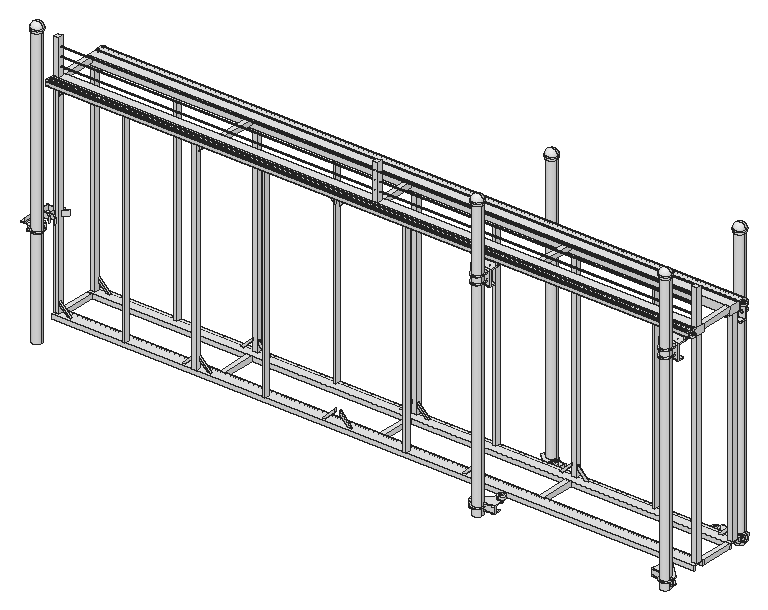
Revit family "Site-Fencing-Tymetal_Corp-Box_Frame_Cantilever_Slide_Gate-Chain_Link", category Site, Revit 2015 (continued)
Definition of nested family "Fence - Catch Assembly"
  Definition of nested family "Fence - Catch Plate"
    Automatic sketch dimensions
      plane 1 "Center (Front/Back)" to Extrusion 4 sketch curve = 0' - 0.66291"
      plane 1 "Center (Front/Back)" to Extrusion 4 sketch curve = 0' - 1.01647"
      Extrusion 4 sketch curve to plane 1 "Center (Front/Back)" = 0' - 0.2192"
      plane 1 "Center (Front/Back)" to Extrusion 4 sketch curve = 0' - 0.22627"
      plane 3 "Center (Left/Right)" to Masking region 1 sketch curve = 0' - 0.14998"
      Masking region 1 sketch curve to plane 1 "Center (Front/Back)" = 0' - 0.97227"
      plane 3 "Center (Left/Right)" to Masking region 2 sketch curve = 0' - 0.30936"
      plane 3 "Center (Left/Right)" to Masking region 2 sketch curve = 0' - 0.35709"  (x2)
      Masking region 2 sketch curve to Masking region 2 sketch curve = 0' - 0.35377"
      Masking region 2 sketch curve to Masking region 2 sketch curve = 0' - 0.17656"  (x2)
      plane 1 "Center (Front/Back)" to Masking region 2 sketch curve = 0' - 0.30936"
      Masking region 2 sketch curve to Masking region 2 sketch curve = 0' - 0.17678"  (x4)
      plane 1 "Center (Front/Back)" to Masking region 2 sketch curve = 0' - 0.66313"
      Masking region 2 sketch curve to Masking region 2 sketch curve = 0' - 0.62225"
      Masking region 2 sketch curve to Masking region 2 sketch curve = 0' - 0.177"  (x2)
      plane 3 "Center (Left/Right)" to Masking region 2 sketch curve = 0' - 0.00354"
      Masking region 2 sketch curve to Masking region 2 sketch curve = 0' - 0"  (x7)
      plane 1 "Center (Front/Back)" to Masking region 2 sketch curve = 0' - 1.01647"
      Extrusion 1 sketch curve to plane 3 "Center (Left/Right)" = 0' - 0.44194"
      Extrusion 1 sketch curve to plane 1 "Center (Front/Back)" = 0' - 0.2045"
      plane 5 to Extrusion 2 sketch curve = 0' - 0 3/8"
      Extrusion 2 sketch curve to Extrusion 2 sketch curve = 0' - 0 1/8"  (x2)
      Extrusion 2 sketch curve to Extrusion 2 sketch curve = 0' - 0 3/8"
      plane 5 to Extrusion 3 sketch curve = 0' - 0 3/8"
      Extrusion 3 sketch curve to Extrusion 3 sketch curve = 0' - 0 1/8"  (x2)
      Extrusion 3 sketch curve to Extrusion 3 sketch curve = 0' - 0 3/8"
      Extrusion 3 sketch curve to Extrusion 3 sketch curve = 0' - 0.3803"
      Extrusion 4 sketch curve to Extrusion 4 sketch curve = 0' - 0.22274"  (x2)
      Masking region 2 sketch curve to Masking region 2 sketch curve = 0' - 1.28163"
      Extrusion 1 sketch curve to Extrusion 1 sketch curve = 0' - 1.37356"
      Extrusion 4 sketch curve to Extrusion 4 sketch curve = 0' - 1.28163"
      plane 1 "Center (Front/Back)" to Masking region 2 sketch curve = 0' - 1.98874"
      Extrusion 1 sketch curve to Extrusion 1 sketch curve = 0' - 1.2687"
      Extrusion 1 sketch curve to plane 1 "Center (Front/Back)" = 0' - 0.44194"
      Extrusion 1 sketch curve to Extrusion 1 sketch curve = 0' - 1.28163"
      Extrusion 4 sketch curve to plane 1 "Center (Front/Back)" = 0' - 0.44194"
      plane 3 "Center (Left/Right)" to Masking region 2 sketch curve = 0' - 1.98874"
      Masking region 2 sketch curve to plane 1 "Center (Front/Back)" = 0' - 0.2045"
      Masking region 2 sketch curve to plane 3 "Center (Left/Right)" = 0' - 0.97227"
      Masking region 1 sketch curve to plane 3 "Center (Left/Right)" = 0' - 0.97227"
      Masking region 2 sketch curve to Masking region 2 sketch curve = 0' - 0.35355"
      Masking region 2 sketch curve to Masking region 2 sketch curve = 0' - 0 1/2"  (x3)
      plane 1 "Center (Front/Back)" to Masking region 2 sketch curve = 0' - 0.44194"
      Masking region 2 sketch curve to plane 1 "Center (Front/Back)" = 0' - 0.05806"
      Masking region 1 sketch curve to plane 1 "Center (Front/Back)" = 0' - 0.05806"
      Masking region 1 sketch curve to Masking region 1 sketch curve = 0' - 1.97581"
      plane 9 to Masking region 1 sketch curve = 0' - 0"
      plane 13 to Masking region 1 sketch curve = 0' - 0.88236"
      Masking region 2 sketch curve to Masking region 2 sketch curve = 0' - 1.2687"
  Definition of nested family "Fence - Post Bracket"
    Parameters
      Extension Length = 0' - 3"
      Bottom Guide Material = none
    Reference planes (in)
      plane 1 "Center (Front/Back)": y = 0
      plane 2: z = 0
      plane 3 "Center (Left/Right)": x = 0
    Forms (in)
      Sweep 1, solid, material <- "Bottom Guide Material", detail levels medium+fine
        path origin (0, 0, 0) x (1, 0, 0) y (0, 1, 0)
          loop
            line (-2.5, 3) -> (-2.5, 0)
            arc (-2.5, 0) -> (0, -2.5) -> (2.5, 0) r 2.5
            line (2.5, 0) -> (2.5, 3)
        profile origin (0, -2.5, 0) x (0, 1, 0) y (0, 0, 1)
          loop
            circle (0.25, 0) r 0.25
    Lines and regions (in)
      Masking region 1, detail levels medium+fine
        outline origin (0, 0, 0) x (1, 0, 0) y (0, 1, 0)
          loop
            line (-2.5, 3) -> (-2.5, 0)
            arc (-2.5, 0) -> (0, -2.5) -> (2.5, 0) r 2.5
            line (2.5, 0) -> (2.5, 3) -> (2, 3) -> (2, 0)
            arc (2, 0) -> (0, -2) -> (-2, 0) r 2
            line (-2, 0) -> (-2, 3) -> (-2.5, 3)
    Dimensions and locks (in)
      "Extension Length": plane 1 "Center (Front/Back)" to Sweep 1 sketch curve  (x2)
      locked: Masking region 1 sketch curve to Masking region 1 sketch curve at 0.5  (x2)
      aligned and locked: Masking region 1 sketch curve to Sweep 1  (x2)
    Automatic sketch dimensions
      Sweep 1 sketch curve to level = 0' - 0"
      Sweep 1 sketch curve to profile plane = 0' - 0 1/4"
      Masking region 1 sketch curve to Masking region 1 sketch curve = 0' - 0"
      plane 1 "Center (Front/Back)" to Masking region 1 sketch curve = 0' - 0"
      Masking region 1 sketch curve to plane 3 "Center (Left/Right)" = 0' - 0"
      Masking region 1 sketch curve to plane 3 "Center (Left/Right)" = 0' - 2"
      plane 1 "Center (Front/Back)" to Sweep 1 sketch curve = 0' - 0"
      Sweep 1 sketch curve to plane 3 "Center (Left/Right)" = 0' - 0"
      Sweep 1 sketch curve to plane 3 "Center (Left/Right)" = 0' - 2 1/2"
      radius of Sweep 1 sketch curve = 0' - 0 1/4"
  Definition of nested family "Fence - Assembly Latch"
    Parameters
      Post Radius = 0' - 2"
      Catch Assembly Finish = none
    Reference planes (in)
      plane 1 "Center (Front/Back)": y = 0
      plane 2: z = 0
      plane 3 "Center (Left/Right)": x = 0
      plane 4: z = 1.375
      plane 5: z = -1.375
      plane 6: y = 1.68749
      plane 7: y = -1.68749
      plane 8: x = 2.01605
    Forms (in)
      Extrusion 1, solid, material <- "Catch Assembly Finish", detail levels medium+fine
        sketch origin (0, 7.24613, 0) x (1, 0, 0) y (0, 1, 0)
          loop
            line (-2.14946, -3.49665) -> (-0.16054, -5.48551)
            arc (-0.16054, -5.48551) -> (-0.07946, -5.53963) -> (0.01615, -5.55863) r 0.25003
            line (0.01615, -5.55863) -> (2.01605, -5.55863) -> (2.01605, -8.93362) -> (-0.00593, -8.93362)
            arc (-0.00593, -8.93362) -> (-0.10155, -8.95262) -> (-0.18263, -9.00676) r 0.25
            line (-0.18263, -9.00676) -> (-2.17145, -10.99558) -> (-1.99467, -11.17235) -> (-0.00593, -9.18362) -> (2.01607, -9.18362)
            arc (2.01607, -9.18362) -> (2.19285, -9.1104) -> (2.26608, -8.93361) r 0.25001
            line (2.26608, -8.93361) -> (2.26608, -5.5586)
            arc (2.26608, -5.5586) -> (2.19286, -5.38185) -> (2.0161, -5.30863) r 0.24997
            line (2.0161, -5.30863) -> (0.01605, -5.30863) -> (-1.97269, -3.31988) -> (-2.14946, -3.49665)
        from 1.375 to 3.37491
    Lines and regions (in)
      Masking region 1, detail levels coarse
        outline origin (0, 7.24613, 0) x (1, 0, 0) y (0, 1, 0)
          loop
            line (-2.14946, -3.49665) -> (-0.08748, -5.55863) -> (2.01605, -5.55863) -> (2.01605, -8.93362) -> (-0.10949, -8.93362) -> (-2.17145, -10.99558) -> (-1.99467, -11.17235) -> (-0.00594, -9.18362) -> (2.26608, -9.18362) -> (2.26608, -5.30863) -> (0.01612, -5.30863) -> (-1.97266, -3.31985) -> (-2.14946, -3.49665)
      Masking region 2, detail levels medium+fine
        outline origin (0, 7.24613, 0) x (1, 0, 0) y (0, 1, 0)
          loop
            line (-2.14943, -3.49662) -> (-0.16065, -5.4854)
            arc (-0.16065, -5.4854) -> (-0.07953, -5.5396) -> (0.01615, -5.55863) r 0.25003
            line (0.01615, -5.55863) -> (2.01605, -5.55863) -> (2.01605, -8.93362) -> (-0.00593, -8.93362)
            arc (-0.00593, -8.93362) -> (-0.1016, -8.95265) -> (-0.18271, -9.00684) r 0.25
            line (-0.18271, -9.00684) -> (-2.17145, -10.99558) -> (-1.99467, -11.17236) -> (-0.00593, -9.18362) -> (2.01607, -9.18362)
            arc (2.01607, -9.18362) -> (2.19285, -9.1104) -> (2.26608, -8.93361) r 0.25001
            line (2.26608, -8.93361) -> (2.26608, -5.5586)
            arc (2.26608, -5.5586) -> (2.19286, -5.38185) -> (2.0161, -5.30863) r 0.24997
            line (2.0161, -5.30863) -> (0.01605, -5.30863) -> (-1.97269, -3.31989) -> (-2.14943, -3.49662)
    Dimensions and locks (in)
      equal spacing: plane 4, level, plane 5
      locked: plane 4 to plane 5 at 2.75
    Automatic sketch dimensions
      Extrusion 1 sketch curve to plane 3 "Center (Left/Right)" = 0' - 2.17145"
      Extrusion 1 sketch curve to plane 3 "Center (Left/Right)" = 0' - 2.14946"
      Extrusion 1 sketch curve to Extrusion 1 sketch curve = 0' - 0.17678"  (x4)
      Extrusion 1 sketch curve to plane 3 "Center (Left/Right)" = 0' - 0.18263"
      Extrusion 1 sketch curve to plane 3 "Center (Left/Right)" = 0' - 0.16054"
      Extrusion 1 sketch curve to plane 3 "Center (Left/Right)" = 0' - 0.00593"  (x2)
      Extrusion 1 sketch curve to Extrusion 1 sketch curve = 0' - 0"  (x4)
      plane 3 "Center (Left/Right)" to Extrusion 1 sketch curve = 0' - 0.01605"
      plane 3 "Center (Left/Right)" to Extrusion 1 sketch curve = 0' - 0.01615"
      plane 3 "Center (Left/Right)" to Extrusion 1 sketch curve = 0' - 2.01605"
      Extrusion 1 sketch curve to Extrusion 1 sketch curve = 0' - 0.00005"
      Extrusion 1 sketch curve to Extrusion 1 sketch curve = 0' - 0 1/4"
      Extrusion 1 sketch curve to Extrusion 1 sketch curve = 0' - 1.98873"
      Extrusion 1 sketch curve to Extrusion 1 sketch curve = 0' - 0.17686"
      Extrusion 1 sketch curve to Extrusion 1 sketch curve = 0' - 3.37498"
      Extrusion 1 sketch curve to Extrusion 1 sketch curve = 0' - 0.00003"  (x2)
      Extrusion 1 sketch curve to Extrusion 1 sketch curve = 0' - 0.07312"
      Extrusion 1 sketch curve to Extrusion 1 sketch curve = 0' - 1.98886"
      Masking region 1 sketch curve to Masking region 1 sketch curve = 0' - 0.25002"
      plane 3 "Center (Left/Right)" to Masking region 1 sketch curve = 0' - 0.01612"
      Masking region 1 sketch curve to plane 3 "Center (Left/Right)" = 0' - 0.00594"
      Masking region 1 sketch curve to plane 3 "Center (Left/Right)" = 0' - 0.08748"
      Masking region 1 sketch curve to plane 3 "Center (Left/Right)" = 0' - 0.10949"
      Masking region 1 sketch curve to plane 3 "Center (Left/Right)" = 0' - 1 249/256"
      Masking region 1 sketch curve to plane 3 "Center (Left/Right)" = 0' - 1.99467"
      Masking region 1 sketch curve to Masking region 1 sketch curve = 0' - 0.1768"
      Masking region 1 sketch curve to Masking region 1 sketch curve = 0' - 0.17678"  (x2)
      Masking region 1 sketch curve to Masking region 1 sketch curve = 0' - 3 3/8"
      Masking region 1 sketch curve to Masking region 1 sketch curve = 0' - 0 1/4"
      Masking region 2 sketch curve to Masking region 2 sketch curve = 0' - 0.24997"
      Masking region 2 sketch curve to Masking region 2 sketch curve = 0' - 0 1/4"
      Masking region 2 sketch curve to Masking region 2 sketch curve = 0' - 0"  (x3)
      plane 3 "Center (Left/Right)" to Masking region 2 sketch curve = 0' - 0.01615"
      Masking region 2 sketch curve to Masking region 2 sketch curve = 0' - 0.0001"
      Masking region 2 sketch curve to plane 3 "Center (Left/Right)" = 0' - 0.00593"
      Masking region 2 sketch curve to plane 3 "Center (Left/Right)" = 0' - 0.16065"
      Masking region 2 sketch curve to Masking region 2 sketch curve = 0' - 0.17678"  (x3)
      Masking region 2 sketch curve to Masking region 2 sketch curve = 0' - 3 3/8"
      Masking region 2 sketch curve to Masking region 2 sketch curve = 0' - 0.00003"
      Masking region 2 sketch curve to Masking region 2 sketch curve = 0' - 0.07323"
      Masking region 2 sketch curve to plane 3 "Center (Left/Right)" = 0' - 1.97269"
      Masking region 2 sketch curve to Masking region 2 sketch curve = 0' - 0.17674"
      Masking region 2 sketch curve to Masking region 2 sketch curve = 0' - 1.98874"
      plane 1 "Center (Front/Back)" to Extrusion 1 sketch curve = 0' - 3.92623"
      Masking region 1 sketch curve to plane 1 "Center (Front/Back)" = 0' - 3.92627"
      Masking region 1 sketch curve to Masking region 1 sketch curve = 0' - 1.99993"
      Masking region 2 sketch curve to Masking region 2 sketch curve = 0' - 1.9999"
      plane 7 to Masking region 2 sketch curve = 0' - 0"
  Definition of nested family "Fence - Catch"
    Parameters
      Catch Assembly Finish = none
    Reference planes (in)
      plane 1 "Center (Front/Back)": y = 0
      plane 2: z = 0
      plane 3 "Center (Left/Right)": x = 0
      plane 4: y = 1.25
      plane 5: y = -1.25
      plane 6: x = 4.16039
    Forms (in)
      Extrusion 1, solid, material <- "Catch Assembly Finish", detail levels medium+fine
        sketch origin (0, 7.23515, -1.375) x (1, 0, 0) y (0, 1, 0)
          loop
            line (0.03555, -5.17267) -> (3.78539, -5.17267) -> (3.78539, -9.29762) -> (0.03539, -9.29762)
            arc (0.03539, -9.29762) -> (-0.10812, -9.32617) -> (-0.22978, -9.40746) r 0.375
            line (-0.22978, -9.40746) -> (-2.04174, -11.21942) -> (-1.77657, -11.48458) -> (0.03539, -9.67262) -> (3.78542, -9.67262)
            arc (3.78542, -9.67262) -> (4.05063, -9.56277) -> (4.16048, -9.29756) r 0.37506
            line (4.16048, -9.29756) -> (4.16048, -5.17247)
            arc (4.16048, -5.17247) -> (4.05063, -4.90743) -> (3.78555, -4.79766) r 0.37492
            line (3.78555, -4.79766) -> (0.03542, -4.79766) -> (-1.77657, -2.98567) -> (-2.04169, -3.25078) -> (-0.22965, -5.06282)
            arc (-0.22965, -5.06282) -> (-0.10797, -5.14412) -> (0.03555, -5.17267) r 0.37506
        from 1.375 to 3.37491
    Lines and regions (in)
      Masking region 1, detail levels coarse
        outline origin (0, 7.23515, 0) x (1, 0, 0) y (0, 1, 0)
          loop
            line (4.16039, -4.79766) -> (0.03537, -4.79766) -> (-1.7766, -2.98569) -> (-2.04171, -3.2508) -> (-0.11984, -5.17267) -> (3.78539, -5.17267) -> (3.78539, -9.29762) -> (-0.11994, -9.29762) -> (-2.04174, -11.21942) -> (-1.77657, -11.48458) -> (0.0354, -9.67262) -> (4.16039, -9.67262) -> (4.16039, -4.79766)
      Masking region 2, detail levels medium+fine
        outline origin (0, 7.23515, 0) x (1, 0, 0) y (0, 1, 0)
          loop
            line (0.03542, -4.79766) -> (-1.77657, -2.98567) -> (-2.04169, -3.25078) -> (-0.22965, -5.06282)
            arc (-0.22965, -5.06282) -> (-0.10797, -5.14412) -> (0.03555, -5.17267) r 0.37506
            line (0.03555, -5.17267) -> (3.78539, -5.17267) -> (3.78539, -9.29762) -> (0.03539, -9.29762)
            arc (0.03539, -9.29762) -> (-0.10812, -9.32617) -> (-0.22978, -9.40746) r 0.375
            line (-0.22978, -9.40746) -> (-2.04174, -11.21942) -> (-1.77657, -11.48458) -> (0.03539, -9.67262) -> (3.78542, -9.67262)
            arc (3.78542, -9.67262) -> (4.05063, -9.56277) -> (4.16048, -9.29756) r 0.37506
            line (4.16048, -9.29756) -> (4.16048, -5.17247)
            arc (4.16048, -5.17247) -> (4.05063, -4.90743) -> (3.78555, -4.79766) r 0.37492
            line (3.78555, -4.79766) -> (0.03542, -4.79766)
  Definition of nested family "Fence - L Bracket"
    Parameters
      Catch Assembly Finish = none
    Reference planes (in)
      plane 1 "Center (Front/Back)": y = 0
      plane 2: z = 0
      plane 3 "Center (Left/Right)": x = 0
      plane 4: y = -4.875
      plane 5: y = 1.375
      plane 6: y = 3.875
      plane 7: y = 4.875
      plane 8: y = -1.375
      plane 9: y = -3.875
      plane 10: x = 1
      plane 11: x = -1
      plane 12: z = 0.99996
      plane 13: z = 0.25008
      plane 14: z = 1.99991
    Forms (in)
      Extrusion 1, solid, material <- "Catch Assembly Finish", detail levels medium+fine
        sketch origin (-5.16039, 4.79762, 0) x (1, 0, 0) y (0, 0, 1)
          loop
            line (4.53539, 0) -> (6.16039, 0) -> (6.16039, 0.25008) -> (4.53541, 0.25008)
            arc (4.53541, 0.25008) -> (4.44698, 0.2867) -> (4.41036, 0.37512) r 0.12505
            line (4.41036, 0.37512) -> (4.41036, 1.99991) -> (4.16039, 1.99991) -> (4.16039, 0.375)
            arc (4.16039, 0.375) -> (4.27022, 0.10983) -> (4.53539, 0) r 0.375
        from -0.07738 to 9.67262
    Lines and regions (in)
      Masking region 1
        outline origin (-5.16039, 4.79762, 0) x (1, 0, 0) y (0, 1, 0)
          loop
            line (4.16039, -9.67262) -> (6.16039, -9.67262) -> (6.16039, 0.07738) -> (4.16039, 0.07738) -> (4.16039, -9.67262)
      Masking region 2, detail levels medium+fine
        outline origin (-5.16039, 4.79762, -1.375) x (1, 0, 0) y (0, 1, 0)
          loop
            line (4.16039, -9.67262) -> (4.41036, -9.67262) -> (4.41036, 0.07738) -> (4.16039, 0.07738) -> (4.16039, -9.67262)
      Masking region 3, detail levels fine
        outline origin (0, 0, 0) x (1, 0, 0) y (0, 1, 0)
          loop
            arc (-0.21875, 1.375) -> (0, 1.15625) -> (0.21875, 1.375) r 0.21875
            line (0.21875, 1.375) -> (0.21875, 3.875)
            arc (0.21875, 3.875) -> (0, 4.09375) -> (-0.21875, 3.875) r 0.21875
            line (-0.21875, 3.875) -> (-0.21875, 1.375)
    Dimensions and locks (in)
      plane 7 to plane 6 to plane 5 = 0' - 1" locked, 0' - 2 1/2" locked
      equal spacing: plane 7, plane 1 "Center (Front/Back)", plane 4
      locked: plane 7 to plane 4 at 9.75
      equal spacing: plane 11, plane 3 "Center (Left/Right)", plane 10
      locked: plane 11 to plane 10 at 2
      plane 4 to plane 9 to plane 8 = 0' - 1" locked, 0' - 2 1/2" locked
      aligned and locked: plane 7 to Masking region 1
    Automatic sketch dimensions
      Masking region 1 sketch curve to plane 7 = 0' - 0"
      Masking region 1 sketch curve to plane 11 = 0' - 0"
      Masking region 1 sketch curve to plane 10 = 0' - 0"
      plane 4 to Masking region 1 sketch curve = 0' - 0"
      plane 11 to Extrusion 1 sketch curve = 0' - 0"
      Extrusion 1 sketch curve to level = 0' - 0"
      Extrusion 1 sketch curve to plane 10 = 0' - 0"
      Extrusion 1 sketch curve to plane 11 = 0' - 0.24997"
      Extrusion 1 sketch curve to Extrusion 1 sketch curve = 0' - 0.12503"
      Extrusion 1 sketch curve to Extrusion 1 sketch curve = 0' - 0"
      Extrusion 1 sketch curve to Extrusion 1 sketch curve = 0' - 0.25008"
      Masking region 2 sketch curve to plane 7 = 0' - 0"
      Masking region 2 sketch curve to plane 11 = 0' - 0"
      plane 4 to Masking region 2 sketch curve = 0' - 0"
      Masking region 2 sketch curve to Masking region 2 sketch curve = 0' - 0.24997"
      Extrusion 1 sketch curve to Extrusion 1 sketch curve = 0' - 1.62491"
      Masking region 3 sketch curve to plane 5 = 0' - 0"
      Masking region 3 sketch curve to plane 6 = 0' - 0"
      Masking region 3 sketch curve to plane 3 "Center (Left/Right)" = 0' - 0"
      Masking region 3 sketch curve to Masking region 3 sketch curve = 0' - 0 7/32"
Definition of nested family "Fence - Box Frame"
  Parameters
    Tube Ends Width = 0' - 2"
    Primary Member Width = 2' - 0"
    Drive Chain = yes
    Barb Posts [instance] = Frame Length / 8' 7 249/256"  # 3
    Barb Height = 1' - 3"
    Frame Material = none
    Frame Length [instance] = 30' - 0"
    Frame Height Above Grade = 0' - 5"
    Frame Height = 6' - 6"
    Drive Chain Height = 2' - 10"
    Barb Arms and Wires = yes
  Reference planes (in)
    plane 1 "Center (Front/Back)": y = 0
    plane 2: z = 0
    plane 3 "Center (Left/Right)": x = 131
    plane 4: x = -49
    plane 5: x = 311
    plane 6: y = -1
    plane 7: y = 1
    plane 8: z = 78
    plane 9: z = 5
    plane 10: y = 12
    plane 11: y = -12
    plane 12: z = 39
    plane 13: x = -47
    plane 14: y = 10.4834
    plane 15: y = 8.4834
    plane 16: y = -10.5
    plane 17: y = -8.5
    plane 18: z = 93
    plane 19: x = 309
    plane 20: z = 89.25
    plane 21: z = 85.5
    plane 22: z = 81.75
    plane 23 "Wires": y = 9.4834
    plane 24: y = 7
    plane 25: y = -7
  Forms (in)
    Extrusion 1, solid, material <- "Frame Material"
      sketch origin (0, 0, 0) x (1, 0, 0) y (0, 0, 1)
        loop
          line (-49, 74.8125) -> (-49, 7) -> (-47, 7) -> (-47, 74.8125) -> (-49, 74.8125)
        loop
          line (311, 74.8125) -> (309, 74.8125) -> (309, 7) -> (311, 7) -> (311, 74.8125)
      from -10.4834 to -8.4834
    Extrusion 2, solid, material <- "Frame Material", detail levels coarse
      sketch origin (131, 0, 0) x (0, 1, 0) y (0, 0, 1)
        loop
          line (12, 5) -> (12, 7) -> (7, 7) -> (7, 5) -> (12, 5)
        loop
          line (-12, 7) -> (-12, 5) -> (-7, 5) -> (-7, 7) -> (-12, 7)
        loop
          line (12, 74.8125) -> (12, 78) -> (7, 78) -> (7, 74.8125) -> (12, 74.8125)
        loop
          line (-7, 78) -> (-12, 78) -> (-12, 74.8125) -> (-7, 74.8125) -> (-7, 78)
      from -180 to 180
    Extrusion 3, solid, material <- "Frame Material", detail levels medium+fine
      sketch origin (131, 0, 0) x (0, 1, 0) y (0, 0, 1)
        loop
          line (12, 78) -> (7, 78) -> (7, 74.8125) -> (12, 74.8125) -> (12, 75.718) -> (11.875, 75.718) -> (11.875, 76.156) -> (12, 76.156) -> (12, 78)
        loop
          line (12, 7) -> (7, 7) -> (7, 5) -> (7.20658, 5) -> (7.49397, 6.8125) -> (11.50603, 6.8125) -> (11.79342, 5) -> (12, 5) -> (12, 7)
        loop
          line (-12, 7) -> (-12, 5) -> (-11.79342, 5) -> (-11.50603, 6.8125) -> (-7.49397, 6.8125) -> (-7.20658, 5) -> (-7, 5) -> (-7, 7) -> (-12, 7)
        loop
          line (-12, 78) -> (-12, 76.156) -> (-11.875, 76.156) -> (-11.875, 75.718) -> (-12, 75.718) -> (-12, 74.8125) -> (-7, 74.8125) -> (-7, 78) -> (-12, 78)
      from -180 to 180
    Extrusion 4, solid, material <- "Frame Material"
      sketch origin (0, 0, 0) x (1, 0, 0) y (0, 0, 1)
        loop
          line (309, 74.8125) -> (309, 7) -> (311, 7) -> (311, 74.8125) -> (309, 74.8125)
        loop
          line (-49, 74.8125) -> (-49, 7) -> (-47, 7) -> (-47, 74.8125) -> (-49, 74.8125)
      from 8.5 to 10.5
    Sweep 5, solid, material <- "Frame Material", visible <- "Drive Chain", detail levels medium+fine
      path origin (0, 0, 0) x (1, 0, 0) y (0, 1, 0)
        loop
          line (-48, -10.5) -> (-48, -12.375)
          arc (-48, -12.375) -> (-47.42818, -13.75551) -> (-46.04767, -14.32733) r 1.95233
          line (-46.04767, -14.32733) -> (308.04767, -14.32733)
          arc (308.04767, -14.32733) -> (309.42818, -13.75551) -> (310, -12.375) r 1.95233
          line (310, -12.375) -> (310, -10.5)
      profile origin (131, -14.32733, 0) x (0, 1, 0) y (0, 0, 1)
        loop
          line (0, 39) -> (-0.125, 39) -> (-0.125, 38.93085) -> (0, 38.93085) -> (0, 39)
    Extrusion 6, solid, material <- "Frame Material", detail levels medium+fine
      sketch origin (131, 0, 0) x (0, 1, 0) y (0, 0, 1)
        loop
          line (7, 78) -> (-7, 78) -> (-7, 76) -> (7, 76) -> (7, 78)
        loop
          line (7, 5) -> (7, 7) -> (-7, 7) -> (-7, 5) -> (7, 5)
      from 178 to 180
    Extrusion 7, solid, material <- "Frame Material", detail levels medium+fine
      sketch origin (86, 0, 0) x (0, 1, 0) y (0, 0, -1)
        loop
          line (7, -78) -> (7, -76) -> (-7, -76) -> (-7, -78) -> (7, -78)
        loop
          line (7, -5) -> (-7, -5) -> (-7, -7) -> (7, -7) -> (7, -5)
      from 133 to 135
    Extrusion 8, solid, material <- "Frame Material", visible <- "Barb Arms and Wires", detail levels medium+fine
      sketch origin (131, 0, 0) x (0, 1, 0) y (0, 0, 1)
        loop
          circle (9.4834, 89.25) r 0.25
        loop
          circle (9.4834, 85.5) r 0.25
        loop
          circle (9.4834, 81.75) r 0.25
      from -178 to 178
  Lines and regions (in)
    Masking region 1
      outline origin (0, 0, 0) x (1, 0, 0) y (0, 1, 0)
        loop
          line (311, 12) -> (-49, 12) -> (-49, 7) -> (311, 7) -> (311, 12)
        loop
          line (311, -7) -> (-49, -7) -> (-49, -12) -> (311, -12) -> (311, -7)
    Masking region 2
      outline origin (0, 0, 0) x (1, 0, 0) y (0, 1, 0)
        loop
          line (-49, 7) -> (-49, -7) -> (-47, -7) -> (-47, 7) -> (-49, 7)
        loop
          line (309, 7) -> (309, -7) -> (311, -7) -> (311, 7) -> (309, 7)
    model lines, visible <- "Barb Arms and Wires", detail levels coarse
      curve 1: line (-47, 9.4834, 89.25) -> (309, 9.4834, 89.25)
      curve 2: line (-47, 9.4834, 85.5) -> (309, 9.4834, 85.5)
      curve 3: line (-47, 9.4834, 81.75) -> (309, 9.4834, 81.75)
  Dimensions and locks (in)
    equal spacing: plane 4, plane 3 "Center (Left/Right)", plane 5
    "Frame Length": plane 4 to plane 5
    equal spacing: plane 7, plane 1 "Center (Front/Back)", plane 6
    "Tube Ends Width": plane 7 to plane 6
    "Frame Height Above Grade": plane 9 to level
    "Tube Ends Width": Extrusion 1 sketch curve to plane 4
    "Tube Ends Width": plane 5 to Extrusion 1 sketch curve
    equal spacing: plane 11, plane 1 "Center (Front/Back)", plane 10
    "Primary Member Width": plane 11 to plane 10
    "Drive Chain Height": plane 12 to plane 9
    locked: plane 4 to plane 13 at 2
    plane 10 to plane 14 to plane 15 = 0' - 1.5166" locked, 0' - 2" locked
    plane 17 to plane 16 to plane 11 = 0' - 2" locked, 0' - 1 1/2" locked
    "Frame Height": plane 8 to level
    Sweep 5 sketch curve to Sweep 5 sketch curve to Sweep 5 sketch curve to plane 11 = 0' - 1.95233" locked, 0' - 0" locked, 0' - 0 3/8" locked
    Sweep 5 sketch curve to Sweep 5 sketch curve to plane 5 = 0' - 1.95233" locked, 0' - 1" locked
    plane 4 to Sweep 5 sketch curve to Sweep 5 sketch curve = 0' - 1" locked, 0' - 1.95233" locked
    locked: plane 12 to Sweep 5 sketch curve at 0.06915
    locked: profile plane to Sweep 5 sketch curve at 0.125
    "Barb Height": plane 18 to plane 8
    locked: plane 19 to plane 5 at 2
    locked: plane 8 to Extrusion 3 sketch curve at 3.1875
    Extrusion 3 sketch curve to Extrusion 3 sketch curve to plane 9 = 0' - 0 3/16" locked, 0' - 1 13/16" locked
    locked: Extrusion 2 sketch curve to plane 9 at 2
    locked: plane 8 to Extrusion 6 sketch curve at 2
    locked: plane 8 to Extrusion 7 sketch curve at 2
    equal spacing: plane 18, plane 20, plane 21, plane 22, plane 8
    equal spacing: plane 14, plane 23 "Wires", plane 15
    equal spacing: group 1, group 3, group 2  (x3)
    locked: plane 24 to plane 10 at 5
    locked: plane 11 to plane 25 at 5
    plane 10 to Extrusion 3 sketch curve to Extrusion 3 sketch curve = 0' - 0.20658" locked, 0' - 0.28739" locked
    Extrusion 3 sketch curve to Extrusion 3 sketch curve to plane 24 = 0' - 0.28739" locked, 0' - 0.20658" locked
    plane 25 to Extrusion 3 sketch curve to Extrusion 3 sketch curve = 0' - 0.20658" locked, 0' - 0.28739" locked
    Extrusion 3 sketch curve to Extrusion 3 sketch curve to plane 11 = 0' - 0.28739" locked, 0' - 0.20658" locked
    aligned and locked: plane 9 to Extrusion 2 sketch curve
    aligned and locked: plane 10 to Extrusion 2 sketch curve
    aligned and locked: plane 11 to Extrusion 2 sketch curve
    aligned and locked: plane 10 to Extrusion 3 sketch curve
    aligned and locked: plane 5 to Extrusion 3
    aligned and locked: plane 5 to Extrusion 2
    aligned and locked: plane 4 to nested 1
    aligned and locked: plane 5 to nested 1
    aligned and locked: plane 8 to nested 1
    aligned and locked: plane 10 to nested 1
    aligned and locked: nested 2 to plane 8
    aligned and locked: plane 11 to nested 2
    aligned and locked: nested 2 to plane 4
    aligned and locked: nested 2 to plane 5
    aligned and locked: Extrusion 3 sketch curve to plane 8  (x2)
    aligned and locked: plane 15 to Extrusion 1
    aligned and locked: Extrusion 1 to plane 14
    aligned and locked: Extrusion 4 sketch curve to Extrusion 1  (x8)
    aligned and locked: plane 16 to Extrusion 4
    aligned and locked: Extrusion 4 to plane 17
    aligned and locked: Sweep 5 sketch curve to plane 12
    aligned and locked: Extrusion 3 to plane 4
    aligned and locked: Extrusion 3 sketch curve to Extrusion 3 sketch curve  (x3)
    aligned and locked: Extrusion 3 sketch curve to plane 9  (x4)
    aligned and locked: Extrusion 2 sketch curve to plane 9
    aligned and locked: Extrusion 2 sketch curve to Extrusion 2 sketch curve  (x2)
    aligned and locked: plane 8 to Extrusion 2 sketch curve  (x2)
    aligned and locked: Extrusion 2 to plane 4
    aligned and locked: Extrusion 2 to Extrusion 6 sketch curve  (x3)
    aligned and locked: Extrusion 6 sketch curve to Extrusion 2  (x4)
    aligned and locked: plane 5 to Extrusion 6
    aligned and locked: Extrusion 1 to Extrusion 6
    aligned and locked: Extrusion 7 to plane 4
    aligned and locked: plane 13 to Extrusion 7
    aligned and locked: Extrusion 7 sketch curve to Extrusion 3  (x2)
    aligned and locked: Extrusion 7 sketch curve to plane 9
    aligned and locked: Extrusion 7 sketch curve to plane 8
    aligned and locked: Extrusion 3 to Extrusion 7 sketch curve
    aligned and locked: Masking region 1 sketch curve to plane 10
    aligned and locked: Masking region 1 sketch curve to plane 11
    aligned and locked: Masking region 1 sketch curve to plane 4  (x2)
    aligned and locked: Masking region 1 sketch curve to plane 5  (x2)
    aligned and locked: Extrusion 7 to Masking region 2 sketch curve  (x2)
    aligned and locked: Masking region 2 sketch curve to Extrusion 7
    aligned and locked: Extrusion 6 to Masking region 2 sketch curve  (x2)
    aligned and locked: Masking region 2 sketch curve to Extrusion 6
    aligned and locked: plane 20 to Extrusion 8 sketch curve
    aligned and locked: plane 23 "Wires" to Extrusion 8 sketch curve  (x3)
    aligned and locked: plane 22 to Extrusion 8 sketch curve
    aligned and locked: plane 21 to Extrusion 8 sketch curve
    aligned and locked: Extrusion 8 to plane 13
    aligned and locked: plane 19 to Extrusion 8
    aligned and locked: nested 3 to plane 8
    aligned and locked: nested 3 to plane 23 "Wires"
    aligned and locked: nested 3 to plane 4
    aligned and locked: plane 5 to nested 4  (x2)
    aligned and locked: plane 8 to nested 4
    aligned and locked: nested 4 to plane 23 "Wires"
    aligned and locked: curve 1 to plane 20
    aligned and locked: curve 2 to plane 21
    aligned and locked: curve 3 to plane 22
    aligned and locked: plane 13 to curve 1
    aligned and locked: plane 13 to curve 2
    aligned and locked: plane 13 to curve 3
    aligned and locked: plane 19 to curve 1
    aligned and locked: plane 19 to curve 2
    aligned and locked: plane 19 to curve 3
    aligned and locked: Masking region 2 sketch curve to Extrusion 3  (x2)
    aligned and locked: plane 24 to Masking region 1 sketch curve
    aligned and locked: Masking region 1 sketch curve to plane 25
    aligned and locked: plane 24 to Extrusion 3 sketch curve
    aligned and locked: plane 25 to Extrusion 3 sketch curve
    aligned and locked: Extrusion 3 sketch curve to plane 24
    aligned and locked: Extrusion 3 sketch curve to plane 10
    aligned and locked: Extrusion 3 sketch curve to plane 25
    aligned and locked: Extrusion 3 sketch curve to plane 11
  Automatic sketch dimensions
    Extrusion 2 sketch curve to plane 11 = 0' - 0"
    Extrusion 2 sketch curve to plane 10 = 0' - 0"
    Extrusion 2 sketch curve to plane 17 = 0' - 1 1/2"
    plane 15 to Extrusion 2 sketch curve = 0' - 1.4834"
    Extrusion 2 sketch curve to Extrusion 2 sketch curve = 0' - 3 3/16"
    Extrusion 3 sketch curve to plane 11 = 0' - 0"  (x2)
    Extrusion 3 sketch curve to plane 10 = 0' - 0"
    Extrusion 3 sketch curve to Extrusion 3 sketch curve = 0' - 0 1/8"
    plane 10 to Extrusion 3 sketch curve = 0' - 0 1/8"
    Extrusion 3 sketch curve to Extrusion 3 sketch curve = 0' - 0.9055"  (x2)
    Extrusion 3 sketch curve to Extrusion 3 sketch curve = 0' - 0.438"  (x2)
    plane 16 to Sweep 5 sketch curve = 0' - 0"  (x2)
    Sweep 5 sketch curve to profile plane = 0' - 0"
    Extrusion 2 sketch curve to plane 25 = 0' - 0"
    Extrusion 7 sketch curve to plane 25 = 0' - 0"
    Extrusion 2 sketch curve to plane 24 = 0' - 0"
    Extrusion 7 sketch curve to plane 24 = 0' - 0"
    Extrusion 1 sketch curve to plane 4 = 0' - 0"
    Extrusion 1 sketch curve to plane 5 = 0' - 0"
    plane 9 to Extrusion 1 sketch curve = 0' - 2"  (x2)
    Extrusion 1 sketch curve to plane 8 = 0' - 3 3/16"  (x2)
    radius of Extrusion 8 sketch curve = 0' - 0 1/4"  (x3)
  Nested families (in)
    nested 1: "Fence - Track" at (131, 13.125, 78), type "Fence - Track"
      with Length 30' - 0"
    nested 2: "Fence - Track" at (131, -13.125, 78), type "Fence - Track"
      with Length 30' - 0"
    nested 3: "Fence - Barb Post" at (-48, 9.4834, 78), visible <- "Barb Arms and Wires", type "Fence - Barb Post"
      with Barb Height 1' - 3"
    nested 4: "Fence - Barb Post" at (310, 9.4834, 78), visible <- "Barb Arms and Wires", type "Fence - Barb Post"
      with Barb Height 1' - 3"
    nested 5: "Fence - Barb Post" at (131, 9.4834, 78), visible <- "Barb Arms and Wires", type "Fence - Barb Post"
      with Barb Height 1' - 3"
  Definition of nested family "Fence - Track"
    Parameters
      Track Material = none
      Length [instance] = 2' - 0"
    Reference planes (in)
      plane 1 "Center (Front/Back)": y = 0
      plane 2: z = 0
      plane 3 "Center (Left/Right)": x = 0
      plane 4: z = -3
      plane 5: y = -1.875
      plane 6: y = 1.875
      plane 7: z = 0.3125
      plane 8: z = -1.34375
      plane 9: y = -1.125
      plane 10: z = -1.75
      plane 11: y = 0.375
      plane 12: x = -12
      plane 13: x = 12
    Forms (in)
      Extrusion 1, solid, material <- "Track Material", detail levels coarse
        sketch origin (0, 0, 0) x (0, 1, 0) y (0, 0, 1)
          loop
            line (1.875, 0.3125) -> (-1.875, 0.3125) -> (-1.875, 0) -> (-1.125, 0) -> (-1.125, -3) -> (-0.937, -3) -> (-0.937, -2) -> (-0.3125, -2) -> (-0.3125, -1.75) -> (-0.937, -1.75) -> (-0.937, -0.094) -> (1.563, -0.094) -> (1.563, -1.75) -> (0.9375, -1.75) -> (0.9375, -2) -> (1.875, -2) -> (1.875, 0.3125)
        from -12 to 12
      Extrusion 2, solid, material <- "Track Material", detail levels medium+fine
        sketch origin (0, 0, 0) x (0, 1, 0) y (0, 0, 1)
          loop
            arc (1.875, 0.062) -> (1.83839, 0.15039) -> (1.75, 0.187) r 0.125
            line (1.75, 0.187) -> (1.10832, 0.187) -> (1.03615, 0.312) -> (-1.0272, 0.312) -> (-1.063, 0.25) -> (-1.687, 0.25)
            arc (-1.687, 0.25) -> (-1.81994, 0.19494) -> (-1.875, 0.062) r 0.188
            line (-1.875, 0.062) -> (-1.875, 0) -> (-1.125, 0) -> (-1.125, -0.25) -> (-1.063, -0.312) -> (-1.063, -0.813) -> (-1.125, -0.875) -> (-1.125, -1) -> (-1.063, -1.062) -> (-1.063, -1.438) -> (-1.125, -1.5) -> (-1.125, -1.844) -> (-1.25, -1.844) -> (-1.25, -2.282) -> (-1.125, -2.282) -> (-1.125, -3) -> (-1.062, -3)
            arc (-1.062, -3) -> (-0.97361, -2.96339) -> (-0.937, -2.875) r 0.125
            line (-0.937, -2.875) -> (-0.937, -2.34871)
            arc (-0.937, -2.34871) -> (-0.89692, -2.21293) -> (-0.78952, -2.12069) r 0.25
            line (-0.78952, -2.12069) -> (-0.312, -1.906) -> (-0.312, -1.781) -> (-0.875, -1.781)
            arc (-0.875, -1.781) -> (-0.91884, -1.76284) -> (-0.937, -1.719) r 0.062
            line (-0.937, -1.719) -> (-0.937, -0.156)
            arc (-0.937, -0.156) -> (-0.91884, -0.11216) -> (-0.875, -0.094) r 0.062
            line (-0.875, -0.094) -> (-0.312, -0.094) -> (-0.22193, 0.062) -> (0.84793, 0.062) -> (0.938, -0.094) -> (1.501, -0.094)
            arc (1.501, -0.094) -> (1.54484, -0.11216) -> (1.563, -0.156) r 0.062
            line (1.563, -0.156) -> (1.563, -1.719)
            arc (1.563, -1.719) -> (1.54484, -1.76284) -> (1.501, -1.781) r 0.062
            line (1.501, -1.781) -> (0.938, -1.781) -> (0.938, -1.906) -> (1.313, -2) -> (1.625, -2)
            arc (1.625, -2) -> (1.7098, -1.96684) -> (1.7496, -1.88494) r 0.125
            line (1.7496, -1.88494) -> (1.875, -0.313) -> (1.875, 0.062)
        from -12 to 12
    Lines and regions (in)
      Masking region 1
        outline origin (0, 0, 0) x (1, 0, 0) y (0, 1, 0)
          loop
            line (-12, 1.875) -> (-12, -1.875) -> (12, -1.875) -> (12, 1.875) -> (-12, 1.875)
    Dimensions and locks (in)
      equal spacing: plane 6, plane 1 "Center (Front/Back)", plane 5
      locked: plane 6 to plane 5 at 3.75
      equal spacing: plane 7, plane 8, plane 4
      locked: plane 7 to plane 4 at 3.3125
      locked: plane 7 to level at 0.3125
      locked: plane 9 to plane 5 at 0.75
      locked: plane 10 to plane 4 at 1.25
      equal spacing: plane 6, plane 11, plane 9
      equal spacing: plane 12, plane 3 "Center (Left/Right)", plane 13
      "Length": plane 12 to plane 13
      aligned and locked: plane 6 to Extrusion 1 sketch curve
      aligned and locked: plane 7 to Extrusion 1 sketch curve
      aligned and locked: plane 5 to Extrusion 1 sketch curve
      aligned and locked: level to Extrusion 1 sketch curve
      aligned and locked: plane 9 to Extrusion 1 sketch curve
      aligned and locked: plane 4 to Extrusion 1 sketch curve
      aligned and locked: plane 10 to Extrusion 1 sketch curve
      aligned and locked: plane 13 to Extrusion 2
      aligned and locked: Extrusion 2 to plane 12
      aligned and locked: Extrusion 1 to Extrusion 2  (x2)
      aligned and locked: Masking region 1 sketch curve to Extrusion 1  (x4)
    Automatic sketch dimensions
      Extrusion 1 sketch curve to plane 10 = 0' - 0"
      Extrusion 1 sketch curve to plane 9 = 0' - 0.188"  (x2)
      plane 1 "Center (Front/Back)" to Extrusion 1 sketch curve = 0' - 0 5/16"
      Extrusion 1 sketch curve to plane 11 = 0' - 0 9/16"
      plane 6 to Extrusion 1 sketch curve = 0' - 0.312"
      Extrusion 1 sketch curve to Extrusion 1 sketch curve = 0' - 0 1/4"
      Extrusion 2 sketch curve to level = 0' - 0"
      Extrusion 2 sketch curve to plane 5 = 0' - 0"
      Extrusion 2 sketch curve to plane 9 = 0' - 0"  (x4)
      Extrusion 2 sketch curve to plane 4 = 0' - 0"
      Extrusion 2 sketch curve to plane 6 = 0' - 0"
      level to Extrusion 2 sketch curve = 0' - 0.062"  (x3)
      Extrusion 2 sketch curve to plane 5 = 0' - 0.188"
      Extrusion 2 sketch curve to Extrusion 2 sketch curve = 0' - 0 1/8"  (x3)
      Extrusion 2 sketch curve to plane 9 = 0' - 0.062"  (x3)
      Extrusion 2 sketch curve to plane 9 = 0' - 0.063"
      Extrusion 2 sketch curve to plane 7 = 0' - 0.0005"
      Extrusion 2 sketch curve to Extrusion 2 sketch curve = 0' - 0.0358"
      Extrusion 2 sketch curve to plane 9 = 0' - 0.188"  (x2)
      Extrusion 2 sketch curve to Extrusion 2 sketch curve = 0' - 0.062"  (x7)
      Extrusion 2 sketch curve to Extrusion 2 sketch curve = 0' - 0.14748"
      Extrusion 2 sketch curve to Extrusion 2 sketch curve = 0' - 0 1/4"
      plane 1 "Center (Front/Back)" to Extrusion 2 sketch curve = 0' - 0.312"  (x2)
      Extrusion 2 sketch curve to level = 0' - 0.094"  (x2)
      Extrusion 2 sketch curve to Extrusion 2 sketch curve = 0' - 0.09007"  (x2)
      Extrusion 2 sketch curve to plane 1 "Center (Front/Back)" = 0' - 0.84793"
      Extrusion 2 sketch curve to plane 8 = 0' - 0.43725"
      plane 6 to Extrusion 2 sketch curve = 0' - 0.937"
      Extrusion 2 sketch curve to Extrusion 2 sketch curve = 0' - 0.18822"
      Extrusion 2 sketch curve to Extrusion 2 sketch curve = 0' - 0.07217"
      Extrusion 2 sketch curve to Extrusion 2 sketch curve = 0' - 0 3/8"
      Extrusion 2 sketch curve to level = 0' - 0.156"
      plane 6 to Extrusion 2 sketch curve = 0' - 0.374"
      plane 6 to Extrusion 2 sketch curve = 0' - 0 1/4"
      Extrusion 2 sketch curve to Extrusion 2 sketch curve = 0' - 0.1246"
      plane 6 to Extrusion 2 sketch curve = 0' - 0 1/8"
      Extrusion 2 sketch curve to Extrusion 2 sketch curve = 0' - 0.52629"
      Extrusion 2 sketch curve to Extrusion 2 sketch curve = 0' - 0.06671"
      Extrusion 2 sketch curve to Extrusion 2 sketch curve = 0' - 0.219"
      Extrusion 2 sketch curve to Extrusion 2 sketch curve = 0' - 0.21469"
      Extrusion 2 sketch curve to Extrusion 2 sketch curve = 0' - 0.11506"
      Extrusion 2 sketch curve to Extrusion 2 sketch curve = 0' - 0.27669"
      Extrusion 2 sketch curve to Extrusion 2 sketch curve = 0' - 0.063"
      Extrusion 2 sketch curve to plane 8 = 0' - 0 5/32"
      plane 8 to Extrusion 2 sketch curve = 0' - 0.28175"
      Extrusion 2 sketch curve to level = 0' - 0.313"
      Extrusion 2 sketch curve to Extrusion 2 sketch curve = 0' - 0.156"
      Extrusion 1 sketch curve to level = 0' - 0.094"
      Extrusion 1 sketch curve to plane 10 = 0' - 0 1/4"
  Definition of nested family "Fence - Barb Post"
    Parameters
      Finish = none
      Barb Height = 1' - 2.1147"
    Reference planes (in)
      plane 1 "Center (Front/Back)": y = 0
      plane 2: z = 0
      plane 3 "Center (Left/Right)": x = 0
      plane 4: z = 14.1147
    Forms (in)
      Extrusion 1, solid, material <- "Finish"
        sketch origin (0, 0, 0) x (1, 0, 0) y (0, 1, 0)
          loop
            line (-1, 1) -> (-1, -1) -> (1, -1) -> (1, 1) -> (-1, 1)
        from 0 to 14.1147
    Lines and regions (in)
      Masking region 1
        outline origin (0, 0, 0) x (1, 0, 0) y (0, 1, 0)
          loop
            line (1, 1) -> (-1, 1) -> (-1, -1) -> (1, -1) -> (1, 1)
    Dimensions and locks (in)
      Extrusion 1 sketch curve to plane 1 "Center (Front/Back)" to Extrusion 1 sketch curve = 0' - 1" locked, 0' - 1" locked
      Extrusion 1 sketch curve to plane 3 "Center (Left/Right)" to Extrusion 1 sketch curve = 0' - 1" locked, 0' - 1" locked
      "Barb Height": plane 4 to level
      aligned and locked: Masking region 1 sketch curve to Extrusion 1  (x4)
      aligned and locked: plane 4 to Extrusion 1
      aligned and locked: Extrusion 1 to level
Definition of nested family "Fence - 2x2"
  Parameters
    Picket Material = none
    Height Above Grade = 0' - 5"
    Nominal Gate Height = 6' - 0"
    Frame Height = 0' - 2"
    Barb Height = 0' - 6"
  Reference planes (in)
    plane 1 "Center (Front/Back)": y = 0
    plane 2: z = 0
    plane 3 "Center (Left/Right)": x = 0
    plane 4: x = -1
    plane 5: x = 1
    plane 6: y = 0.5
    plane 7: y = -0.5
    plane 8: z = 72
    plane 9: z = 5
    plane 10: z = 66
    plane 11: y = 1
    plane 12: y = -1
    plane 13: z = 7
    plane 14: z = 46
    plane 15: z = 64
  Forms (in)
    Extrusion 1, solid, material <- "Picket Material"
      sketch origin (0, 0, 0) x (1, 0, 0) y (0, 1, 0)
        loop
          line (-1, 1) -> (-1, -1) -> (1, -1) -> (1, 1) -> (-1, 1)
      from 7 to 64
  Lines and regions (in)
    Masking region 1
      outline origin (0, 0, 0) x (1, 0, 0) y (0, 1, 0)
        loop
          line (-1, 1) -> (-1, -1) -> (1, -1) -> (1, 1) -> (-1, 1)
  Dimensions and locks (in)
    equal spacing: plane 4, plane 3 "Center (Left/Right)", plane 5
    locked: plane 4 to plane 5 at 2
    "Nominal Gate Height": plane 8 to level
    "Height Above Grade": plane 9 to level
    "Barb Height": plane 8 to plane 10
    equal spacing: plane 11, plane 1 "Center (Front/Back)", plane 12
    locked: plane 11 to plane 12 at 2
    "Frame Height": plane 13 to plane 9
    "Frame Height": plane 10 to plane 15
    aligned and locked: Extrusion 1 sketch curve to plane 11
    aligned and locked: plane 4 to Extrusion 1 sketch curve
    aligned and locked: plane 12 to Extrusion 1 sketch curve
    aligned and locked: Extrusion 1 sketch curve to plane 5
    aligned and locked: Extrusion 1 to plane 13
    aligned and locked: plane 15 to Extrusion 1
    aligned and locked: Masking region 1 sketch curve to Extrusion 1  (x4)
Definition of nested family "Fence - Chain Link Panel"
  Parameters
    Frame Width = 0' - 2"
    Barb Height = 1' - 3"
    Nominal Gate Height = 7' - 3"
    Cross Brace Width = 0' - 0 1/2"  # constant formula
    Panel Length = 4' - 3.6"
    Height Above Grade = 0' - 5"
    Cross Brace Finish = none
  Reference planes (in)
    plane 1: z = 0
    plane 2 "Center (Left/Right)": x = -11.2
    plane 3: x = -36
    plane 4: x = 13.6
    plane 5: y = -0.5
    plane 6: y = 0
    plane 7: z = 70
    plane 8: z = 7
    plane 9: x = -31
    plane 10: x = 8.6
    plane 11: z = 65
    plane 12: z = 12
    plane 13: z = 87
    plane 14: z = 72
    plane 15: z = 5
    plane 16: z = 38.5
    plane 17: x = 15.6
    plane 18: x = 14.6
    plane 19: x = -37
    plane 20: y = -1
    plane 21: x = -38
    plane 22: y = 0
  Forms (in)
    Extrusion 1, solid, material <- "Cross Brace Finish", detail levels medium+fine
      sketch origin (0, -0.25, 0) x (1, 0, 0) y (0, 0, 1)
        loop
          line (-31, 70) -> (-32.41421, 70) -> (-36, 66.41421) -> (-36, 65) -> (-31, 70)
        loop
          line (8.6, 70) -> (13.6, 65) -> (13.6, 66.41421) -> (10.01421, 70) -> (8.6, 70)
        loop
          line (-31, 7) -> (-36, 12) -> (-36, 10.58579) -> (-32.41421, 7) -> (-31, 7)
        loop
          line (8.6, 7) -> (10.01421, 7) -> (13.6, 10.58579) -> (13.6, 12) -> (8.6, 7)
      from -0.25 to 0.25
  Lines and regions (in)
    model lines
      curve 1: line (-33.5, 0, 67.5) -> (11.1, 0, 9.5)
      curve 2: line (-33.5, 0, 9.5) -> (11.1, 0, 67.5)
  Dimensions and locks (in)
    plane 6 to plane 5 = 0' - 0 1/2"
    "Cross Brace Width": plane 5 to plane 6
    locked: Extrusion 1 sketch curve to Extrusion 1 sketch curve at 1  (x4)
    equal spacing: plane 11, plane 16, plane 12
    equal spacing: plane 4, plane 2 "Center (Left/Right)", plane 3
    "Nominal Gate Height": plane 13 to level
    "Height Above Grade": plane 15 to level
    "Frame Width": plane 8 to plane 15
    locked: plane 12 to plane 8 at 5
    locked: plane 7 to plane 11 at 5
    "Frame Width": plane 14 to plane 7
    "Barb Height": plane 13 to plane 14
    locked: plane 4 to plane 10 at 5
    locked: plane 9 to plane 3 at 5
    equal spacing: plane 3, plane 19, plane 21
    locked: plane 21 to plane 3 at 2
    locked: plane 17 to plane 4 at 2
    equal spacing: plane 17, plane 18, plane 4
    "Panel Length": plane 18 to plane 19
    Extrusion 1 to Extrusion 1 = 0' - 0 1/2"
    aligned and locked: Extrusion 1 sketch curve to plane 7
    aligned and locked: Extrusion 1 sketch curve to plane 3
    aligned and locked: plane 11 to Extrusion 1 sketch curve  (x2)
    aligned and locked: plane 9 to Extrusion 1 sketch curve  (x2)
    aligned and locked: Extrusion 1 sketch curve to plane 8
    aligned and locked: plane 3 to Extrusion 1 sketch curve
    aligned and locked: plane 12 to Extrusion 1 sketch curve  (x2)
    aligned and locked: plane 8 to Extrusion 1 sketch curve
    aligned and locked: plane 4 to Extrusion 1 sketch curve  (x2)
    aligned and locked: plane 10 to Extrusion 1 sketch curve  (x2)
    aligned and locked: Extrusion 1 sketch curve to plane 4
    aligned and locked: plane 7 to Extrusion 1 sketch curve
    aligned and locked: plane 6 to Extrusion 1
    aligned and locked: Extrusion 1 to plane 5
    aligned and locked: plane 4 to Extrusion 1  (x2)
    aligned and locked: nested 1 to plane 22
    aligned and locked: plane 2 "Center (Left/Right)" to nested 1
  Automatic sketch dimensions
    plane 3 to curve 2 = 0' - 2 1/2"
    plane 8 to curve 1 = 0' - 2 1/2"
    plane 3 to curve 1 = 0' - 2 1/2"
    curve 2 to plane 4 = 0' - 2 1/2"
    curve 1 to plane 4 = 0' - 2 1/2"
    plane 8 to curve 2 = 0' - 2 1/2"
    curve 2 to plane 7 = 0' - 2 1/2"
    curve 1 to plane 7 = 0' - 2 1/2"
  Nested families (in)
    nested 1: "Fence - 1x2" at (-11.2, -1, 0), type "Fence - 1x2"
      with Nominal Gate Height 7' - 3", Barb Height 1' - 3"
  Definition of nested family "Fence - 1x2"
    Parameters
      Picket Material = none
      Height Above Grade = 0' - 5"
      Nominal Gate Height = 6' - 0"
      Frame Height = 0' - 2"
      Barb Height = 0' - 6"
    Reference planes (in)
      plane 1 "Center (Front/Back)": y = 0
      plane 2: z = 0
      plane 3 "Center (Left/Right)": x = 0
      plane 4: x = -0.5
      plane 5: x = 0.5
      plane 6: y = 0.5
      plane 7: y = -0.5
      plane 8: z = 72
      plane 9: z = 5
      plane 10: z = 66
      plane 11: y = 1
      plane 12: y = -1
      plane 13: z = 7
      plane 14: z = 46
      plane 15: z = 64
    Forms (in)
      Extrusion 1, solid, material <- "Picket Material"
        sketch origin (0, 0, 0) x (1, 0, 0) y (0, 1, 0)
          loop
            line (-0.5, 1) -> (-0.5, -1) -> (0.5, -1) -> (0.5, 1) -> (-0.5, 1)
        from 7 to 64
    Lines and regions (in)
      Masking region 1
        outline origin (0, 0, 0) x (1, 0, 0) y (0, 1, 0)
          loop
            line (-0.5, 1) -> (-0.5, -1) -> (0.5, -1) -> (0.5, 1) -> (-0.5, 1)
    Dimensions and locks (in)
      equal spacing: plane 4, plane 3 "Center (Left/Right)", plane 5
      locked: plane 4 to plane 5 at 1
      "Nominal Gate Height": plane 8 to level
      "Height Above Grade": plane 9 to level
      "Barb Height": plane 8 to plane 10
      equal spacing: plane 11, plane 1 "Center (Front/Back)", plane 12
      locked: plane 11 to plane 12 at 2
      "Frame Height": plane 13 to plane 9
      "Frame Height": plane 10 to plane 15
      aligned and locked: Extrusion 1 sketch curve to plane 11
      aligned and locked: plane 4 to Extrusion 1 sketch curve
      aligned and locked: plane 12 to Extrusion 1 sketch curve
      aligned and locked: Extrusion 1 sketch curve to plane 5
      aligned and locked: Extrusion 1 to plane 13
      aligned and locked: plane 15 to Extrusion 1
      aligned and locked: Masking region 1 sketch curve to Extrusion 1  (x4)
Definition of nested family "Fence - Box Frame-Supports"
  Parameters
    Primary Member Width = 2' - 0"
    Frame Material = none
    Frame Height Above Grade = 0' - 5"
    Frame Height = 6' - 0"
    Barb Height = 1' - 3"
  Reference planes (in)
    plane 1 "Center (Front/Back)": y = 0
    plane 2: z = 0
    plane 3 "Center (Left/Right)": x = 86
    plane 4: x = 85
    plane 5: x = 87
    plane 6: z = 72
    plane 7: z = 5
    plane 8: y = 12
    plane 9: y = -12
    plane 10: z = 35.25
    plane 11: y = 7
    plane 12: y = -7
  Forms (in)
    Extrusion 1, solid, material <- "Frame Material", detail levels medium+fine
      sketch origin (86, 0, 0) x (0, 1, 0) y (0, 0, 1)
        loop
          line (7, 72) -> (-7, 72) -> (-7, 70) -> (7, 70) -> (7, 72)
        loop
          line (7, 5) -> (7, 7) -> (-7, 7) -> (-7, 5) -> (7, 5)
      from -1 to 1
  Lines and regions (in)
    Masking region 1
      outline origin (0, 0, 0) x (1, 0, 0) y (0, 1, 0)
        loop
          line (85, 7) -> (85, -7) -> (87, -7) -> (87, 7) -> (85, 7)
  Dimensions and locks (in)
    equal spacing: plane 4, plane 3 "Center (Left/Right)", plane 5
    locked: plane 4 to plane 5 at 2
    "Frame Height Above Grade": plane 7 to level
    equal spacing: plane 9, plane 1 "Center (Front/Back)", plane 8
    "Primary Member Width": plane 9 to plane 8
    plane 10 to plane 7 = 2' - 6 1/4"
    "Frame Height": plane 6 to level
    locked: plane 6 to Extrusion 1 sketch curve at 2
    locked: plane 9 to plane 12 at 5
    locked: plane 11 to plane 8 at 5
    aligned and locked: plane 5 to Extrusion 1
    aligned and locked: Extrusion 1 to Masking region 1 sketch curve
    aligned and locked: Masking region 1 sketch curve to plane 4
    aligned and locked: Extrusion 1 to plane 4
    aligned and locked: Masking region 1 to Extrusion 1
    aligned and locked: Extrusion 1 to plane 11  (x2)
    aligned and locked: Masking region 1 to plane 11
    aligned and locked: plane 12 to Extrusion 1  (x2)
    aligned and locked: plane 12 to Masking region 1
    aligned and locked: Extrusion 1 to plane 12  (x3)
  Automatic sketch dimensions
    Extrusion 1 sketch curve to plane 6 = 0' - 0"
    Extrusion 1 sketch curve to plane 7 = 0' - 0"
    plane 7 to Extrusion 1 sketch curve = 0' - 2"
    plane 8 to Extrusion 1 sketch curve = 0' - 5"  (x2)
    plane 8 to Masking region 1 sketch curve = 0' - 5"
    Extrusion 1 sketch curve to plane 9 = 0' - 5"  (x2)
    Masking region 1 sketch curve to plane 9 = 0' - 5"
Definition of nested family "Fence-Chain_Link"
  Parameters
    Length = 9' - 1"
    Extension Length = 2' - 0"
  Reference planes (in)
    plane 1 "Center (Front/Back)": y = 0
    plane 2: z = 0
    plane 3 "Center (Left/Right)": x = 0
    plane 4: x = -66.5
    plane 5: x = 66.5
    plane 6: x = 42.5
    plane 7: y = 1
    plane 8: y = -1
  Lines and regions (in)
    Masking region 1
      outline origin (0, 0, 0) x (1, 0, 0) y (0, 1, 0)
        loop
          line (-66.5, 1) -> (-66.5, -1) -> (66.5, -1) -> (66.5, 1) -> (-66.5, 1)
    symbolic lines
      curve 1: line (66.5, 7.25, 0) -> (66.5, 1, 0)
      curve 2: line (65.07185, 0, 0) -> (66.5, 1, 0)
      curve 3: line (67.92815, 0, 0) -> (66.5, -1, 0)
      curve 4: line (65.07185, 0, 0) -> (67.92815, 0, 0)
      curve 5: line (66.5, -1, 0) -> (66.5, -7.25, 0)
  Dimensions and locks (in)
    equal spacing: plane 4, plane 3 "Center (Left/Right)", plane 5
    "Length": plane 4 to plane 6
    locked: Masking region 1 sketch curve to Masking region 1 sketch curve at 2
    equal spacing: Masking region 1 sketch curve, plane 1 "Center (Front/Back)", Masking region 1 sketch curve
    "Extension Length": plane 6 to plane 5
    aligned and locked: plane 4 to Masking region 1 sketch curve
    aligned and locked: Masking region 1 sketch curve to plane 5
    aligned and locked: plane 7 to Masking region 1
    aligned and locked: plane 8 to Masking region 1
  Automatic sketch dimensions
    curve 2 to plane 5 = 0' - 0"
    curve 5 to plane 5 = 0' - 0"
    curve 4 to plane 5 = 0' - 1.42815"
    plane 5 to curve 3 = 0' - 1.42815"
    plane 1 "Center (Front/Back)" to curve 3 = 0' - 1"
    curve 1 to plane 1 "Center (Front/Back)" = 0' - 1"
    curve 5 to curve 5 = 0' - 6 1/4"
    curve 2 to curve 1 = 0' - 6 1/4"
    plane 1 "Center (Front/Back)" to curve 4 = 0' - 0"
